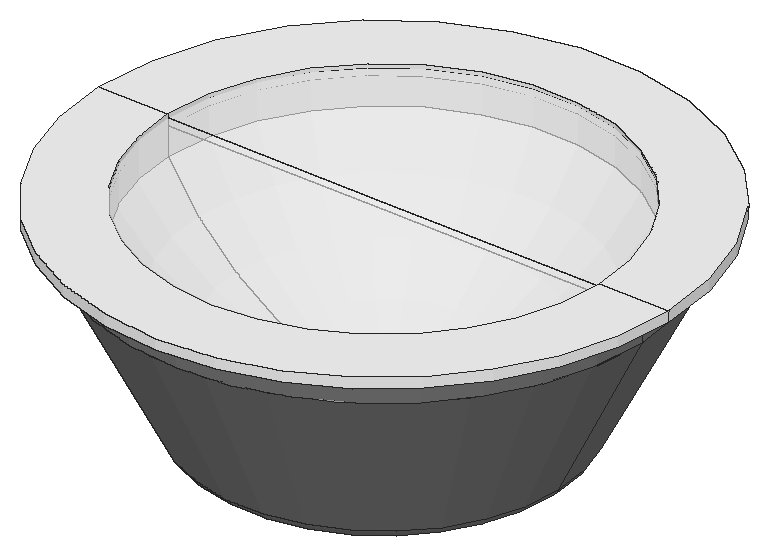
Revit family "0030348", category Lighting Fixtures, host Face, Revit 2016
Family settings
  Host = Face
  Part Type = Normal
  Round Connector Dimension = Use Diameter
  OmniClass Number = 23.80.70.00
  OmniClass Title = Lighting
  Cut with Voids When Loaded = No
  Light Source = Yes
  Shared = No
  Room Calculation Point = No
Parameters (values of type "0030348 Insaver Slim UGR19 IP44 DALI 150 1000lm 830")
  WidthBezel_SYL = if(Size1_SYL, 20 mm, if(Size2_SYL, 20 mm, if(Size3PIR_SYL, 30 mm, if(Size4_SYL, 20 mm, 20 mm))))  # 20 mm
  Weight = "5.52 kg"
  Wattage Comments = ""
  Wattage = 9 W
  WarrantyStartDate [instance] = "n/a"
  WarrantyGuarantorParts = "n/a"
  WarrantyDurationUnit = "n/a"
  WarrantyDurationParts = "n/a"
  WarrantyDescription = "n/a"
  built-in parameter 1150110 = 1 (stored number, unit not read)
  Voltage = 230 V
  VisibilityPIR_SYL = Size3PIR_SYL  # no
  URL = "http://www.sylvania-lighting.com"
  TypeName = "Insaver Slim UGR19 IP44 DALI 150 1000lm 830"
  Type Image = <None>
  Type Comments = "n/a"
  built-in parameter 1114217 = 1 (stored number, unit not read)
  Tilt Angle = -90.00°
  built-in parameter 1150109 = 1 (stored number, unit not read)
  built-in parameter 1150134 = (empty or 0)
  built-in parameter 1150113 = 1 (stored number, unit not read)
  Size4_SYL = no
  Size3PIR_SYL = no
  Size2_SYL = no
  Size1_SYL = yes
  SerialNumber [instance] = "n/a"
  RadiusTop_SYL = 6 mm
  RadiusReflector_SYL = if(Size1_SYL, 85 mm, if(Size2_SYL, 85 mm, if(Size3PIR_SYL, 85 mm, if(Size4_SYL, 100 mm, 120 mm))))  # 85 mm
  Photometric Web File = "0030348.ies"
  Material_3_FEILO = Top-Sylvania-STARTDownlight
  PowerFactor = 0.9
  PowerConsumption = "9 W"
  NominalLength = 165 mm
  NominalHeight = 50 mm
  NominalDepth = 165 mm
  Name = "Insaver Slim UGR19 IP44 DALI 150 1000lm 830"
  ModelReference = Name  # "Insaver Slim UGR19 IP44 DALI 150 1000lm 830"
  ModelNumber = "0030348"
  Model = Name  # "Insaver Slim UGR19 IP44 DALI 150 1000lm 830"
  Material = "aluminium housing, na diffuser"
  ManufacturerName = "Feilo Sylvania"
  Manufacturer = "Feilo Sylvania"
  LuminousEfficacy = "119.7 lm/W"
  built-in parameter 1150105 = 85.785 (stored number, unit not read)
  Lumens = 1078 lm
  LuminaireType = ""
  built-in parameter 1150115 = 1 (stored number, unit not read)
  LightOutputRatio = "n/a"
  built-in parameter 1150137 = (empty or 0)
  built-in parameter 1150139 = (empty or 0)
  LampsType = Lamp  # "LED"
  LampNominalLuminous = "lm"
  LampMacAdamStep = "5"
  LampColourTemperature = "3000 K"
  LampColourRenderingIndex = "80"
  built-in parameter 1150112 = 1 (stored number, unit not read)
  built-in parameter 1150114 = 1 (stored number, unit not read)
  Lamp = "LED"
  Keynote = "16500"
  InstallationDate [instance] = "n/a"
  InputVoltage = "AC 220-240 V"
  InputNominalFrequency = "50/60 Hz"
  built-in parameter 1150132 = (empty or 0)
  built-in parameter 1150102 = (empty or 0)
  built-in parameter 1150107 = 3000 (stored number, unit not read)
  built-in parameter 1150138 = (empty or 0)
  IngressProtection = "IP40/20"
  ImpactProtectionIndex = "IK07"
  built-in parameter 1150106 = 0.85785 (stored number, unit not read)
  IfcExportType = "IfcLightFixtureType"
  IfcExportAs = "IfcLightFixtureType"
  Height_SYL = if(Size1_SYL, 61 mm, if(Size2_SYL, 61 mm, if(Size3PIR_SYL, 61 mm, if(Size4_SYL, 61 mm, 60 mm))))  # 61 mm
  HeightBezel_SYL = if(Size1_SYL, 3 mm, if(Size2_SYL, 3 mm, if(Size3PIR_SYL, 3 mm, if(Size4_SYL, 3.2 mm, 3 mm))))  # 3 mm
  ExpectedLife = 50000
  Emit from Circle Diameter = Diameter_SYL - 40 mm  # 125 mm
  Emit Shape Visible in Rendering = no
  ElectricShockClassification = "Class II"
  built-in parameter 1150104 = 11.128 (stored number, unit not read)
  DurationUnit = "hours"
  DocumentationLiterature = "http://www.sylvania-lighting.com/product/en-int/products/0030348"
  DimmingControlOptions = "DALI dimmable"
  Material_2_FEILO = Diffuser-Sylvania-STARTDownlight
  Dimming Lamp Color Temperature Shift = <None>
  Diameter_SYL = if(Size1_SYL, 165 mm, if(Size2_SYL, 190 mm, if(Size3PIR_SYL, 211 mm, if(Size4_SYL, 220 mm, 240 mm))))  # 165 mm
  DiameterTop_SYL = if(Size1_SYL, 98 mm, if(Size2_SYL, 122 mm, if(Size3PIR_SYL, 120 mm, if(Size4_SYL, 135 mm, 158 mm))))  # 98 mm
  DiameterTopBase_SYL = DiameterRecess_SYL  # 150 mm
  DiameterRecess_SYL = if(Size1_SYL, 150 mm, if(Size2_SYL, 170 mm, if(Size3PIR_SYL, 186 mm, if(Size4_SYL, 200 mm, 225 mm))))  # 150 mm
  Description = ""
  Default Elevation = 1219.2 mm
  CreatedOn = "5/28/2019"
  CreatedBy = "@sylvania-lighting.com"
  Cost = 0
  Color Filter = 16777215
  built-in parameter 1114216 [instance] = (empty or 0)
  ClassificationValue = "EF_70_80"
  ClassificationName = "Uniclass2015"
  Material_1_FEILO = Trim-Sylvania-STARTDownlight-White
  BarCode [instance] = "n/a"
  built-in parameter 1114218 = 1 (stored number, unit not read)
  built-in parameter 1150133 = 10 (stored number, unit not read)
  AssetType = "Fixed"
  AssetIdentifier [instance] = "n/a"
  Assembly Code = "D5020200"
  Apparent Load = 9 VA
  Material_4_FEILO = LED-Sylvania-STARTDownlight
Types (2, lengths in mm): name | Wattage | Photometric Web File | PowerConsumption | LuminousEfficacy | built-in parameter 1150105 | Lumens | LampNominalLuminous | built-in parameter 1150106 | built-in parameter 1150104 | Apparent Load
  0030348 Insaver Slim UGR19 IP44 DALI 150 1000lm 830 | 9 W | "0030348.ies" | "9 W" | "119.7 lm/W" | 85.785 (stored number, unit not read) | 1078 lm | "lm" | 0.85785 (stored number, unit not read) | 11.128 (stored number, unit not read) | 9 VA
  0030348 Insaver Slim UGR19 IP44 DALI 150 1000lm 830 Emergency mode | 12 W | "0030348EM.ies" | "12 W" | "32.93 lm/W" | 254.54 (stored number, unit not read) | 395.16 lm | "394 lm" | 2.5454 (stored number, unit not read) | 3.0593 (stored number, unit not read) | 12 VA
Reference planes
  plane 1 "Center (Front/Back)": y = 0
  plane 2: z = 0
  plane 3 "Center (Left/Right)": x = 0
  plane 4: x = 82.5
  plane 5: x = -82.5
  plane 6: z = 3
  plane 7: z = -8
  plane 8: z = -58
  plane 9: x = -75
  plane 10: x = 75
  plane 11: x = -49
  plane 12: x = 49
  plane 13: z = -85
  plane 14: x = -62.5
  plane 15: z = 2
  plane 16: z = -46
  plane 17: x = -16
  plane 18: x = -67.5
  plane 19: x = -81.5
  plane 20: x = -99.5
  plane 21: x = -76.5
  plane 22: z = 5.5
  plane 23: z = 8.7
  plane 24: x = -75.5
  plane 25: z = 13.7
Forms (mm)
  Revolve 1, void
    sketch origin (0, 0, 0) x (1, 0, 0) y (0, 0, 1)
      loop
        line (0, 0) -> (-75, 0) -> (-75, -85) -> (0, -85) -> (0, 0)
      axis (0, 0) -> (0, -85)
    angle from 360 to 0
  Revolve 2, solid, material "Trim-Sylvania-STARTDownlight-White" <- "Material_1_FEILO"
    sketch origin (0, 0, 0) x (1, 0, 0) y (0, 0, 1)
      loop
        line (-62.5, 3) -> (-82.5, 3) -> (-82.5, 0) -> (-75, 0) -> (-75, -8) -> (-50.681, -54.768)
        arc (-50.681, -54.768) -> (-48.471, -57.129) -> (-45.357, -58) r 6
        line (-45.357, -58) -> (0, -58) -> (0, -46) -> (-16, -46)
        arc (-16, -46) -> (-42.718, -31.243) -> (-62.5, -8) r 85
        line (-62.5, -8) -> (-62.5, 3)
      axis (0, 3) -> (0, -58)
    angle from 360 to 0
  Revolve 3, solid, material "Diffuser-Sylvania-STARTDownlight" <- "Material_2_FEILO"
    sketch origin (0, 0, 0) x (1, 0, 0) y (0, 0, 1)
      loop
        line (-62.5, 0) -> (0, 0) -> (0, 2) -> (-62.5, 2) -> (-62.5, 0)
      axis (0, 2) -> (0, 0)
    angle from 360 to 0
  Revolve 4, solid, material "Trim-Sylvania-STARTDownlight-White" <- "Material_1_FEILO", visible <- "VisibilityPIR_SYL"
    sketch origin (0, 0, 0) x (1, 0, 0) y (0, 0, 1)
      loop
        line (-67.5, 3) -> (-67.5, 13.7)
        arc (-67.5, 13.7) -> (-72.217, 12.347) -> (-75.5, 8.7) r 8.9
        line (-75.5, 8.7) -> (-75.5, 5.5) -> (-76.5, 5.5) -> (-76.5, 3) -> (-67.5, 3)
      axis (-67.5, 13.7) -> (-67.5, 3)
    angle from 360 to 0
Dimensions and locks
  equal spacing: plane 4, plane 3 "Center (Left/Right)", plane 5
  "Diameter_SYL": plane 4 to plane 5
  equal spacing: plane 10, plane 3 "Center (Left/Right)", plane 9
  equal spacing: plane 12, plane 3 "Center (Left/Right)", plane 11
  "DiameterTop_SYL": plane 12 to plane 11
  "HeightBezel_SYL": plane 6 to plane 2
  "Height_SYL": plane 6 to plane 8
  locked: plane 2 to plane 7 at 8
  locked: plane 2 to plane 13 at 85
  "WidthBezel_SYL": plane 14 to plane 5
  locked: plane 6 to plane 15 at 1
  "DiameterRecess_SYL": plane 10 to plane 9
  locked: plane 3 "Center (Left/Right)" to plane 17 at 16
  locked: plane 16 to plane 8 at 12
  locked: plane 18 to plane 21 at 9
  locked: plane 22 to plane 6 at 2.5
  locked: plane 23 to plane 22 at 3.2
  locked: plane 18 to plane 24 at 8
  locked: plane 25 to plane 23 at 5
  locked: plane 25 to Revolve 4 sketch curve at 8.9
  locked: plane 18 to plane 5 at 15
  "RadiusReflector_SYL": radius of Revolve 2 sketch curve
  "RadiusTop_SYL": radius of Revolve 2 sketch curve
  aligned and locked: plane 2 to host face
  aligned and locked: level to host face
  aligned and locked: Revolve 1 sketch curve to plane 3 "Center (Left/Right)"
  aligned and locked: plane 3 "Center (Left/Right)" to Revolve 1 sketch curve
  aligned and locked: Revolve 1 sketch curve to plane 9
  aligned and locked: plane 13 to Revolve 1 sketch curve
  aligned and locked: plane 3 "Center (Left/Right)" to imposter light
  aligned and locked: imposter light to plane 15
  aligned and locked: imposter light to plane 1 "Center (Front/Back)"
  aligned and locked: Revolve 2 sketch curve to plane 3 "Center (Left/Right)"
  aligned and locked: Revolve 2 sketch curve to plane 6
  aligned and locked: Revolve 2 sketch curve to plane 5
  aligned and locked: Revolve 2 sketch curve to level
  aligned and locked: plane 7 to Revolve 2 sketch curve  (x2)
  aligned and locked: Revolve 2 sketch curve to plane 9
  aligned and locked: plane 8 to Revolve 2 sketch curve
  aligned and locked: Revolve 2 sketch curve to plane 14
  aligned and locked: plane 3 "Center (Left/Right)" to Revolve 2 sketch curve
  aligned and locked: Revolve 2 sketch curve to plane 16
  aligned and locked: Revolve 3 sketch curve to plane 3 "Center (Left/Right)"
  aligned and locked: Revolve 3 sketch curve to level
  aligned and locked: imposter light to Revolve 3 sketch curve  (x2)
  aligned and locked: Revolve 4 sketch curve to plane 18  (x2)
  aligned and locked: Revolve 4 sketch curve to plane 6
  aligned and locked: plane 22 to Revolve 4 sketch curve
  aligned and locked: plane 24 to Revolve 4 sketch curve
  aligned and locked: Revolve 4 sketch curve to Revolve 4 sketch curve
  aligned and locked: plane 21 to Revolve 4 sketch curve
Automatic sketch dimensions
  host sketch curve to host sketch curve = 2438.4 mm  (x2)
  plane 13 to Revolve 1 sketch curve = 524.6 mm
  Revolve 1 sketch curve to plane 6 = 2606.058 mm
  Revolve 1 sketch curve to level = 0 mm
  Revolve 2 sketch curve to plane 17 = 0 mm
  Revolve 2 sketch curve to plane 11 = 1.681 mm
  plane 11 to Revolve 2 sketch curve = 3.643 mm
  plane 13 to Revolve 2 sketch curve = 524.6 mm
  Revolve 2 sketch curve to Revolve 2 sketch curve = 2577.983 mm
  Revolve 3 sketch curve to plane 14 = 0 mm
  plane 13 to Revolve 3 sketch curve = 524.6 mm
  Revolve 3 sketch curve to plane 6 = 2606.058 mm
  Revolve 4 sketch curve to plane 23 = 0 mm
  plane 13 to Revolve 4 sketch curve = 524.6 mm
  Revolve 4 sketch curve to Revolve 4 sketch curve = 2595.358 mm
Connectors
  electrical at (0, 0, 0), driven by "Apparent Load", driven by "PowerFactor", driven by "Voltage"
    settings: index 1, voltage 230 V, apparent load 9 VA, apparent load phase1 0 VA, apparent load phase2 0 VA, apparent load phase3 0 VA, power factor 0.9, load classification "Lighting", number of poles 1, system type 30, power factor state 1, is connector primary yes, connector utility no, sub classification motor no, connector description ""
